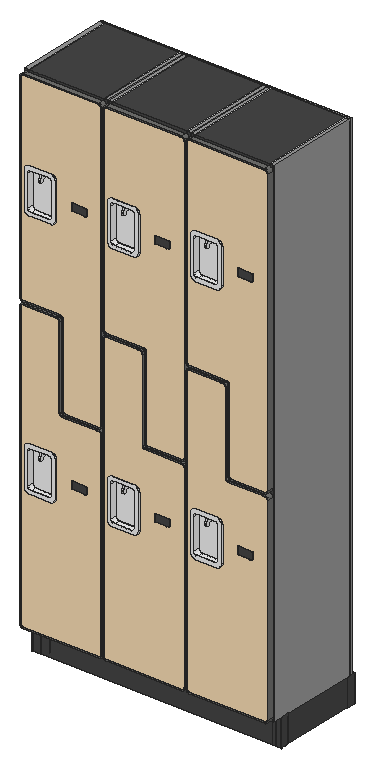
Revit family "Wood_Lockers-Salsbury_Industries-37000_Series-3_Wide_Units", category Specialty Equipment, Revit 2016 (continued)
Definition of nested family "Wood Locker Sloping Hoods"
  Automatic sketch dimensions
    plane 15 to Extrusion 2 sketch curve = 0.000"
    plane 14 to Extrusion 2 sketch curve = 0.000"
    Extrusion 2 sketch curve to plane 13 = 1.08977"
    Extrusion 2 sketch curve to plane 12 = 0.04881"
    Extrusion 1 sketch curve to level = 0.000"
    Extrusion 1 sketch curve to plane 1 "Center (Front/Back)" = 0.000"
    Extrusion 1 sketch curve to Extrusion 1 sketch curve = 0.24302"
Types (13): name | Unit Height including Sloping Hood Only | Unit Height including Base Only | Total Doors Height | Sloping In-Line Filler - Left Side | Sloping Hood Height | Overall Unit Height including Base and Sloping Hood | Model | Unit Height | Individual Door Height | Flat Top In-Line Filler - Right Side | Door Location D2 | Door Location D1 | Description | Depth | Compartment Height | Compartment Depth | Base Height | Base Depth | Base
  (no name) | 77.743" | 76.000" | 71.750" | Wood Locker Sloping In-Line Fillers : None | 5.743" | 81.743" | "37365" | 72.000" | 42.062" | Wood Locker Flat In-Line Fillers : None | Wood Locker S-Style Bottom Doors : Double Tier Bottom S-Door for Six Foot High Locker | Wood Locker S-Style Top Doors : Double Tier Top S-Door for Six Foot High Locker | "3 Wide - 6 Feet High - 15 inches Deep - with Base" | 15.000" | 41.153" | 13.750" | 4.000" | 13.250" | Wood Locker Bases : Base - 36" W x 15" D Lockers
  37365 | 77.743" | 76.000" | 71.750" | Wood Locker Sloping In-Line Fillers : None | 5.743" | 81.743" | "37365" | 72.000" | 42.062" | Wood Locker Flat In-Line Fillers : None | Wood Locker S-Style Bottom Doors : Double Tier Bottom S-Door for Six Foot High Locker | Wood Locker S-Style Top Doors : Double Tier Top S-Door for Six Foot High Locker | "3 Wide - 6 Feet High - 15 inches Deep - with Base" | 15.000" | 41.153" | 13.750" | 4.000" | 13.250" | Wood Locker Bases : Base - 36" W x 15" D Lockers
  37365 - without Base | 77.743" | 72.000" | 71.750" | Wood Locker Sloping In-Line Fillers : None | 5.743" | 77.743" | "37365 without Base" | 72.000" | 42.062" | Wood Locker Sloping In-Line Fillers : None | Wood Locker S-Style Bottom Doors : Double Tier Bottom S-Door for Six Foot High Locker | Wood Locker S-Style Top Doors : Double Tier Top S-Door for Six Foot High Locker | "3 Wide - 6 Feet High - 15 inches Deep - without Base" | 15.000" | 41.153" | 13.750" | 0.000" | 13.250" | Wood Locker Bases : None
  37368 | 78.868" | 76.000" | 71.750" | Wood Locker Sloping In-Line Fillers : None | 6.868" | 82.868" | "37368" | 72.000" | 42.062" | Wood Locker Sloping In-Line Fillers : None | Wood Locker S-Style Bottom Doors : Double Tier Bottom S-Door for Six Foot High Locker | Wood Locker S-Style Top Doors : Double Tier Top S-Door for Six Foot High Locker | "3 Wide - 6 Feet High - 18 inches Deep - with Base" | 18.000" | 41.153" | 16.750" | 4.000" | 16.250" | Wood Locker Bases : Base - 36" W x 18" D Lockers
  37368 - without Base | 78.868" | 72.000" | 71.750" | Wood Locker Sloping In-Line Fillers : None | 6.868" | 78.868" | "37368 without Base" | 72.000" | 42.062" | Wood Locker Sloping In-Line Fillers : None | Wood Locker S-Style Bottom Doors : Double Tier Bottom S-Door for Six Foot High Locker | Wood Locker S-Style Top Doors : Double Tier Top S-Door for Six Foot High Locker | "3 Wide - 6 Feet High - 18 inches Deep - without Base" | 18.000" | 41.153" | 16.750" | 0.000" | 16.250" | Wood Locker Bases : None
  37361 | 79.993" | 76.000" | 71.750" | Wood Locker Sloping In-Line Fillers : None | 7.993" | 83.993" | "37361" | 72.000" | 42.062" | Wood Locker Sloping In-Line Fillers : None | Wood Locker S-Style Bottom Doors : Double Tier Bottom S-Door for Six Foot High Locker | Wood Locker S-Style Top Doors : Double Tier Top S-Door for Six Foot High Locker | "3 Wide - 6 Feet High - 21 inches Deep - with Base" | 21.000" | 41.153" | 19.750" | 4.000" | 19.250" | Wood Locker Bases : Base - 36" W x 21" D Lockers
  37361 - without Base | 79.993" | 72.000" | 71.750" | Wood Locker Sloping In-Line Fillers : None | 7.993" | 79.993" | "37361 without Base" | 72.000" | 42.062" | Wood Locker Sloping In-Line Fillers : None | Wood Locker S-Style Bottom Doors : Double Tier Bottom S-Door for Six Foot High Locker | Wood Locker S-Style Top Doors : Double Tier Top S-Door for Six Foot High Locker | "3 Wide - 6 Feet High - 21 inches Deep - without Base" | 21.000" | 41.153" | 19.750" | 0.000" | 19.250" | Wood Locker Bases : None
  37355 | 65.743" | 64.000" | 59.750" | Wood Locker Sloping In-Line Fillers : None | 5.743" | 69.743" | "37355" | 60.000" | 36.062" | Wood Locker Sloping In-Line Fillers : None | Wood Locker S-Style Bottom Doors : Double Tier Bottom S-Door for Five Foot High Locker | Wood Locker S-Style Top Doors : Double Tier Top S-Door for Five Foot High Locker | "3 Wide - 5 Feet High - 15 inches Deep - with Base" | 15.000" | 35.153" | 13.750" | 4.000" | 13.250" | Wood Locker Bases : Base - 36" W x 15" D Lockers
  37355 - without Base | 65.743" | 60.000" | 59.750" | Wood Locker Sloping In-Line Fillers : None | 5.743" | 65.743" | "37355 without Base" | 60.000" | 36.062" | Wood Locker Sloping In-Line Fillers : None | Wood Locker S-Style Bottom Doors : Double Tier Bottom S-Door for Five Foot High Locker | Wood Locker S-Style Top Doors : Double Tier Top S-Door for Five Foot High Locker | "3 Wide - 5 Feet High - 15 inches Deep - without Base" | 15.000" | 35.153" | 13.750" | 0.000" | 13.250" | Wood Locker Bases : None
  37358 | 66.868" | 64.000" | 59.750" | Wood Locker Sloping In-Line Fillers : None | 6.868" | 70.868" | "37358" | 60.000" | 36.062" | Wood Locker Sloping In-Line Fillers : None | Wood Locker S-Style Bottom Doors : Double Tier Bottom S-Door for Five Foot High Locker | Wood Locker S-Style Top Doors : Double Tier Top S-Door for Five Foot High Locker | "3 Wide - 5 Feet High - 18 inches Deep - with Base" | 18.000" | 35.153" | 16.750" | 4.000" | 16.250" | Wood Locker Bases : Base - 36" W x 18" D Lockers
  37358 - without Base | 66.868" | 60.000" | 59.750" | Wood Locker Sloping In-Line Fillers : None | 6.868" | 66.868" | "37358 without Base" | 60.000" | 36.062" | Wood Locker Sloping In-Line Fillers : None | Wood Locker S-Style Bottom Doors : Double Tier Bottom S-Door for Five Foot High Locker | Wood Locker S-Style Top Doors : Double Tier Top S-Door for Five Foot High Locker | "3 Wide - 5 Feet High - 18 inches Deep - without Base" | 18.000" | 35.153" | 16.750" | 0.000" | 16.250" | Wood Locker Bases : None
  37351 | 67.993" | 64.000" | 59.750" | Wood Locker Flat In-Line Fillers : None | 7.993" | 71.993" | "37351" | 60.000" | 36.062" | Wood Locker Sloping In-Line Fillers : None | Wood Locker S-Style Bottom Doors : Double Tier Bottom S-Door for Five Foot High Locker | Wood Locker S-Style Top Doors : Double Tier Top S-Door for Five Foot High Locker | "3 Wide - 5 Feet High - 21 inches Deep - with Base" | 21.000" | 35.153" | 19.750" | 4.000" | 19.250" | Wood Locker Bases : Base - 36" W x 21" D Lockers
  37351 - without Base | 67.993" | 60.000" | 59.750" | Wood Locker Sloping In-Line Fillers : None | 7.993" | 67.993" | "37351 without Base" | 60.000" | 36.062" | Wood Locker Sloping In-Line Fillers : None | Wood Locker S-Style Bottom Doors : Double Tier Bottom S-Door for Five Foot High Locker | Wood Locker S-Style Top Doors : Double Tier Top S-Door for Five Foot High Locker | "3 Wide - 5 Feet High - 21 inches Deep - without Base" | 21.000" | 35.153" | 19.750" | 0.000" | 19.250" | Wood Locker Bases : None
